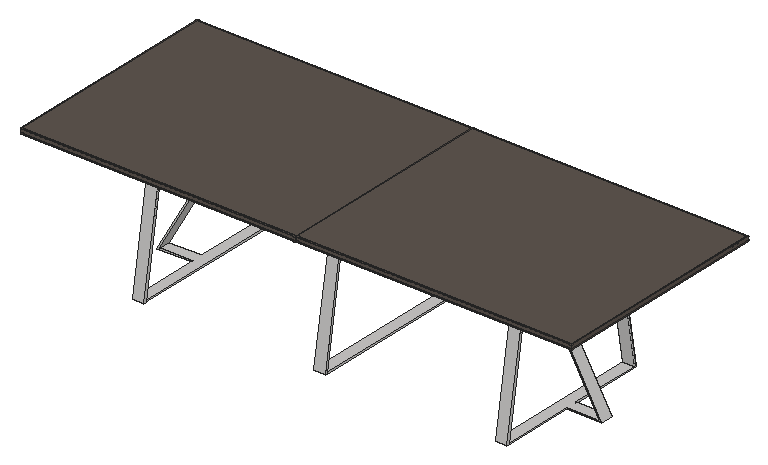
Revit family "T400182", category Furniture, Revit 2018
Family settings
  OmniClass Number = 23.40.20.00
  OmniClass Title = General Furniture and Specialties
  Work Plane-Based = No
  Always vertical = Yes
  Cut with Voids When Loaded = No
  Shared = No
  Room Calculation Point = No
Reference planes (in)
  plane 1 "Center Front/Back": y = 0
  plane 2: z = 0
  plane 3 "Center Left/Right": x = 0
Dimensions and locks (in)
  aligned and locked: level to plane 2
Nested families (in)
  nested 1: "FIRST OFFICE_INTERMIX_TOPS_RECTANGULAR" at (0, 0, 0), type "INTERMIX-TOP-RECTANGULAR_CC-P12048RT"
  nested 2: "OFS INTERMIX METAL BASES" at (39.5, 21, 0), type "Hugh Ends Base 35"
  nested 3: "OFS INTERMIX METAL BASES" at (0, 21, 0), type "Hugh Center Base 35"
  nested 4: "OFS INTERMIX METAL BASES" at (-39.5, 21, 0) x (-1, 0, 0) z (0, 0, 1), type "Hugh Ends Base 35"
Definition of nested family "FIRST OFFICE_INTERMIX_TOPS_RECTANGULAR"
  Parameters (values of type "INTERMIX-TOP-RECTANGULAR_CC-K7236RT")
    URL = "http://www.firstoffice.com/products/tables/intermix"
    TWO PIECE = TOP WIDTH > 9' 0"  # no
    TOP WIDTH = 6' - 0"
    TOP DEPTH = 3' - 0"
    TOP CORE = none
    THICKNESS = 0' - 1 1/8"
    ONE PIECE = TOP WIDTH < 9' 0"  # yes
    Manufacturer = "FIRST OFFICE-INTERMIX"
    MODEL NUMBER = "CC-K7236RT"
    MANUFACTURERS' CODE = "FOF"
    ENVIRONMENTAL = "http://www.firstoffice.com/company/environment/"
    EDGE SHAPE = none
    Description = "RECTANGULAR TOP/SEATS 6"
    CATALOG CODE = "FOF"
  Types (36): name | TWO PIECE | TOP WIDTH | TOP DEPTH | THICKNESS | ONE PIECE | MODEL NUMBER | Description
    (no name) | no | 6' - 0" | 3' - 0" | 0' - 1 1/8" | yes | "CC-K7236RT" | "RECTANGULAR TOP/SEATS 6"
    INTERMIX-TOP-RECTANGULAR_CC-K7236RT | no | 6' - 0" | 3' - 0" | 0' - 1 1/8" | yes | "CC-K7236RT" | "RECTANGULAR TOP/SEATS 6"
    INTERMIX-TOP-RECTANGULAR_CC-K8442RT | no | 7' - 0" | 3' - 6" | 0' - 1 1/8" | yes | "CC-K8442RT" | "RECTANGULAR TOP/SEATS 6"
    INTERMIX-TOP-RECTANGULAR_CC-K9642RT | no | 8' - 0" | 3' - 6" | 0' - 1 1/8" | yes | "CC-K9642RT" | "RECTANGULAR TOP/SEATS 8"
    INTERMIX-TOP-RECTANGULAR_CC-K12048RT | yes | 10' - 0" | 4' - 0" | 0' - 1 1/8" | no | "CC-K12048RT" | "RECTANGULAR TOP/SEATS 10"
    INTERMIX-TOP-RECTANGULAR_CC-K14448RT | yes | 12' - 0" | 4' - 0" | 0' - 1 1/8" | no | "CC-K14448RT" | "RECTANGULAR TOP/SEATS 12"
    INTERMIX-TOP-RECTANGULAR_CC-K16848RT | yes | 14' - 0" | 4' - 0" | 0' - 1 1/8" | no | "CC-K16848RT" | "RECTANGULAR TOP/SEATS 14"
    INTERMIX-TOP-RECTANGULAR_CC-K19248RT | yes | 16' - 0" | 4' - 0" | 0' - 1 1/8" | no | "CC-K19248RT" | "RECTANGULAR TOP/SEATS 16"
    INTERMIX-TOP-RECTANGULAR_CC-P7236RT | no | 6' - 0" | 3' - 0" | 0' - 1 1/8" | yes | "CC-P7236RT" | "RECTANGULAR TOP/SEATS 6"
    INTERMIX-TOP-RECTANGULAR_CC-P8442RT | no | 7' - 0" | 3' - 6" | 0' - 1 1/8" | yes | "CC-P8442RT" | "RECTANGULAR TOP/SEATS 6"
    INTERMIX-TOP-RECTANGULAR_CC-P9642RT | no | 8' - 0" | 3' - 6" | 0' - 1 1/8" | yes | "CC-P9642RT" | "RECTANGULAR TOP/SEATS 8"
    INTERMIX-TOP-RECTANGULAR_CC-P12048RT | yes | 10' - 0" | 4' - 0" | 0' - 1 1/8" | no | "CC-P12048RT" | "RECTANGULAR TOP/SEATS 10"
    INTERMIX-TOP-RECTANGULAR_CC-P14448RT | yes | 12' - 0" | 4' - 0" | 0' - 1 1/8" | no | "CC-P14448RT" | "RECTANGULAR TOP/SEATS 12"
    INTERMIX-TOP-RECTANGULAR_CC-P16848RT | yes | 14' - 0" | 4' - 0" | 0' - 1 1/8" | no | "CC-P16848RT" | "RECTANGULAR TOP/SEATS 14"
    INTERMIX-TOP-RECTANGULAR_CC-P19248RT | yes | 16' - 0" | 4' - 0" | 0' - 1 1/8" | no | "CC-P19248RT" | "RECTANGULAR TOP/SEATS 16"
    INTERMIX-TOP-RECTANGULAR_CC-C7236RT | no | 6' - 0" | 3' - 0" | 0' - 1.188" | yes | "CC-C7236RT" | "RECTANGULAR TOP/SEATS 6"
    INTERMIX-TOP-RECTANGULAR_CC-C8442RT | no | 7' - 0" | 3' - 6" | 0' - 1.188" | yes | "CC-C8442RT" | "RECTANGULAR TOP/SEATS 6"
    INTERMIX-TOP-RECTANGULAR_CC-C9642RT | no | 8' - 0" | 3' - 6" | 0' - 1.188" | yes | "CC-C9642RT" | "RECTANGULAR TOP/SEATS 8"
    INTERMIX-TOP-RECTANGULAR_CC-C12048RT | yes | 10' - 0" | 4' - 0" | 0' - 1.188" | no | "CC-C12048RT" | "RECTANGULAR TOP/SEATS 10"
    INTERMIX-TOP-RECTANGULAR_CC-C14448RT | yes | 12' - 0" | 4' - 0" | 0' - 1.188" | no | "CC-C14448RT" | "RECTANGULAR TOP/SEATS 12"
    INTERMIX-TOP-RECTANGULAR_CC-C16848RT | yes | 14' - 0" | 4' - 0" | 0' - 1.188" | no | "CC-C16848RT" | "RECTANGULAR TOP/SEATS 14"
    INTERMIX-TOP-RECTANGULAR_CC-C19248RT | yes | 16' - 0" | 4' - 0" | 0' - 1.188" | no | "CC-C19248RT" | "RECTANGULAR TOP/SEATS 16"
    INTERMIX-TOP-RECTANGULAR_CC-L7236RT | no | 6' - 0" | 3' - 0" | 0' - 1.188" | yes | "CC-L7236RT" | "RECTANGULAR TOP/SEATS 6"
    INTERMIX-TOP-RECTANGULAR_CC-L8442RT | no | 7' - 0" | 3' - 6" | 0' - 1.188" | yes | "CC-L8442RT" | "RECTANGULAR TOP/SEATS 6"
    INTERMIX-TOP-RECTANGULAR_CC-L9642RT | no | 8' - 0" | 3' - 6" | 0' - 1.188" | yes | "CC-L9642RT" | "RECTANGULAR TOP/SEATS 8"
    INTERMIX-TOP-RECTANGULAR_CC-L12048RT | yes | 10' - 0" | 4' - 0" | 0' - 1.188" | no | "CC-L12048RT" | "RECTANGULAR TOP/SEATS 10"
    INTERMIX-TOP-RECTANGULAR_CC-L14448RT | yes | 12' - 0" | 4' - 0" | 0' - 1.188" | no | "CC-L14448RT" | "RECTANGULAR TOP/SEATS 12"
    INTERMIX-TOP-RECTANGULAR_CC-L16848RT | yes | 14' - 0" | 4' - 0" | 0' - 1.188" | no | "CC-L16848RT" | "RECTANGULAR TOP/SEATS 14"
    INTERMIX-TOP-RECTANGULAR_CC-L19248RT | yes | 16' - 0" | 4' - 0" | 0' - 1.188" | no | "CC-L19248RT" | "RECTANGULAR TOP/SEATS 16"
    INTERMIX-TOP-RECTANGULAR_CC-W7236RT | no | 6' - 0" | 3' - 0" | 0' - 1.188" | yes | "CC-W7236RT" | "RECTANGULAR TOP/SEATS 6"
    INTERMIX-TOP-RECTANGULAR_CC-W8442RT | no | 7' - 0" | 3' - 6" | 0' - 1.188" | yes | "CC-W8442RT" | "RECTANGULAR TOP/SEATS 6"
    INTERMIX-TOP-RECTANGULAR_CC-W9642RT | no | 8' - 0" | 3' - 6" | 0' - 1.188" | yes | "CC-W9642RT" | "RECTANGULAR TOP/SEATS 8"
    INTERMIX-TOP-RECTANGULAR_CC-W12048RT | yes | 10' - 0" | 4' - 0" | 0' - 1.188" | no | "CC-W12048RT" | "RECTANGULAR TOP/SEATS 10"
    INTERMIX-TOP-RECTANGULAR_CC-W14448RT | yes | 12' - 0" | 4' - 0" | 0' - 1.188" | no | "CC-W14448RT" | "RECTANGULAR TOP/SEATS 12"
    INTERMIX-TOP-RECTANGULAR_CC-W16848RT | yes | 14' - 0" | 4' - 0" | 0' - 1.188" | no | "CC-W16848RT" | "RECTANGULAR TOP/SEATS 14"
    INTERMIX-TOP-RECTANGULAR_CC-W19248RT | yes | 16' - 0" | 4' - 0" | 0' - 1.188" | no | "CC-W19248RT" | "RECTANGULAR TOP/SEATS 16"
  Reference planes (in)
    plane 1 "Center Front/Back": y = 0
    plane 2: z = 0
    plane 3 "Center Left/Right": x = 0
    plane 4 "LEFT": x = -36
    plane 5 "RIGHT": x = 36
    plane 6 "SURFACE TOP": z = 29.9375
    plane 7 "BASE HEIGHT": z = 28.8125
    plane 8 "BACK": y = 18
    plane 9 "FRONT": y = -18
  Forms (in)
    Sweep 1, solid, material <- "EDGE SHAPE", visible <- "ONE PIECE"
      path origin (0, 0, 28.8125) x (0, 1, 0) y (-1, 0, 0)
        loop
          line (-18, 36) -> (-18, -36) -> (18, -36) -> (18, 36) -> (-18, 36)
      profile origin (-36, 0, 28.8125) x (-1, 0, 0) y (0, 0, 1)
        loop
          line (0, 0.125) -> (0, 1)
          arc (0, 1) -> (-0.03661, 1.08839) -> (-0.125, 1.125) r 0.125
          line (-0.125, 1.125) -> (-0.125, 0)
          arc (-0.125, 0) -> (-0.03661, 0.03661) -> (0, 0.125) r 0.125
    Extrusion 2, solid, material <- "TOP CORE", visible <- "ONE PIECE"
      sketch origin (0, 0, 28.8125) x (0, 1, 0) y (-1, 0, 0)
        loop
          line (17.875, 35.875) -> (-17.875, 35.875) -> (-17.875, -35.875) -> (17.875, -35.875) -> (17.875, 35.875)
      from 0 to 1.125
    Sweep 3, solid, material <- "EDGE SHAPE", visible <- "TWO PIECE"
      path origin (0, -2, 28.8125) x (0, 1, 0) y (-1, 0, 0)
        loop
          line (-16, 0) -> (-16, 36) -> (20, 36) -> (20, 0)
      profile origin (-36, 0, 28.8125) x (-1, 0, 0) y (0, 0, 1)
        loop
          line (0, 0.125) -> (0, 1)
          arc (0, 1) -> (-0.03661, 1.08839) -> (-0.125, 1.125) r 0.125
          line (-0.125, 1.125) -> (-0.125, 0)
          arc (-0.125, 0) -> (-0.03661, 0.03661) -> (0, 0.125) r 0.125
    Extrusion 4, solid, material <- "TOP CORE", visible <- "TWO PIECE"
      sketch origin (0, -2, 28.8125) x (0, 1, 0) y (-1, 0, 0)
        loop
          line (19.875, 35.875) -> (-15.875, 35.875) -> (-15.875, 0) -> (19.875, 0) -> (19.875, 35.875)
      from 0 to 1.125
    Sweep 5, solid, material <- "EDGE SHAPE", visible <- "TWO PIECE"
      path origin (7.99831, -1.99832, 28.8125) x (0, -1, 0) y (1, 0, 0)
        loop
          line (-19.99832, -7.99831) -> (-19.99832, 28.00169) -> (16.00168, 28.00169) -> (16.00168, -7.99831)
      profile origin (36, 0, 28.8125) x (1, 0, 0) y (0, 0, 1)
        loop
          line (0, 0.125) -> (0, 1)
          arc (0, 1) -> (-0.03661, 1.08839) -> (-0.125, 1.125) r 0.125
          line (-0.125, 1.125) -> (-0.125, 0)
          arc (-0.125, 0) -> (-0.03661, 0.03661) -> (0, 0.125) r 0.125
    Extrusion 6, solid, material <- "TOP CORE", visible <- "TWO PIECE"
      sketch origin (7.99831, -1.99832, 28.8125) x (0, -1, 0) y (1, 0, 0)
        loop
          line (15.87668, 27.87669) -> (-19.87332, 27.87669) -> (-19.87332, -7.99831) -> (15.87668, -7.99831) -> (15.87668, 27.87669)
      from 0 to 1.125
  Lines and regions (in)
    Masking region 1, visible <- "ONE PIECE"
      outline origin (0, 0, 0) x (1, 0, 0) y (0, 1, 0)
        loop
          line (-36.00169, 18.00168) -> (-36.00169, -17.99832) -> (35.99831, -17.99832) -> (35.99831, 18.00168) -> (-36.00169, 18.00168)
    Masking region 2, visible <- "TWO PIECE"
      outline origin (0, -2, 0) x (1, 0, 0) y (0, 1, 0)
        loop
          line (-36.00169, 20) -> (-36.00169, -16) -> (0, -16) -> (0, 20) -> (-36.00169, 20)
    Masking region 3, visible <- "TWO PIECE"
      outline origin (7.99831, -1.99832, 0) x (-1, 0, 0) y (0, -1, 0)
        loop
          line (-28.00169, 16.00168) -> (-28.00169, -19.99832) -> (7.99831, -19.99832) -> (7.99831, 16.00168) -> (-28.00169, 16.00168)
  Dimensions and locks (in)
    equal spacing: plane 4 "LEFT", plane 3 "Center Left/Right", plane 5 "RIGHT"
    "TOP WIDTH": plane 4 "LEFT" to plane 5 "RIGHT"
    "THICKNESS": plane 6 "SURFACE TOP" to plane 7 "BASE HEIGHT"
    locked: plane 7 "BASE HEIGHT" to plane 2 at 28.8125
    equal spacing: plane 9 "FRONT", plane 1 "Center Front/Back", plane 8 "BACK"
    "TOP DEPTH": plane 8 "BACK" to plane 9 "FRONT"
    aligned and locked: Extrusion 2 to plane 7 "BASE HEIGHT"
    aligned and locked: plane 6 "SURFACE TOP" to Extrusion 2
    aligned and locked: profile plane to Sweep 1 sketch curve  (x2)
    aligned and locked: plane 6 "SURFACE TOP" to Sweep 1 sketch curve
    aligned and locked: Extrusion 2 to Sweep 1  (x4)
    aligned and locked: profile plane to Sweep 3 sketch curve  (x2)
    aligned and locked: Extrusion 4 to Sweep 3  (x3)
    aligned: Extrusion 4 to Sweep 3  (x2)
    aligned and locked: plane 3 "Center Left/Right" to Extrusion 4
    aligned and locked: plane 4 "LEFT" to Sweep 3 sketch curve
    aligned and locked: plane 3 "Center Left/Right" to Masking region 2
    aligned and locked: profile plane to Sweep 5 sketch curve  (x2)
    aligned: Sweep 5 to Extrusion 6  (x3)
    aligned and locked: Extrusion 6 to plane 3 "Center Left/Right"
    aligned and locked: Masking region 3 to plane 3 "Center Left/Right"
    aligned and locked: plane 5 "RIGHT" to Masking region 3
    aligned and locked: Sweep 5 sketch curve to plane 5 "RIGHT"
    aligned and locked: plane 3 "Center Left/Right" to Sweep 5 sketch curve
    aligned and locked: Extrusion 6 to Sweep 5 sketch curve
    aligned and locked: Extrusion 6 to Sweep 5  (x3)
    aligned and locked: plane 8 "BACK" to Masking region 2 sketch curve
    aligned and locked: plane 9 "FRONT" to Masking region 2 sketch curve
    aligned and locked: Sweep 3 sketch curve to plane 8 "BACK"
    aligned and locked: Sweep 3 sketch curve to plane 9 "FRONT"
    aligned and locked: plane 8 "BACK" to Masking region 3 sketch curve
    aligned and locked: plane 9 "FRONT" to Masking region 3 sketch curve
    aligned and locked: Sweep 5 sketch curve to plane 8 "BACK"
    aligned and locked: Sweep 5 sketch curve to plane 9 "FRONT"
    aligned and locked: plane 6 "SURFACE TOP" to Sweep 3 sketch curve
    aligned and locked: plane 6 "SURFACE TOP" to Extrusion 4
    aligned and locked: plane 6 "SURFACE TOP" to Sweep 5 sketch curve
    aligned and locked: plane 6 "SURFACE TOP" to Extrusion 6
  Automatic sketch dimensions
    Sweep 1 sketch curve to plane 4 "LEFT" = 0' - 0"
    plane 9 "FRONT" to Sweep 1 sketch curve = 0' - 0"
    Sweep 1 sketch curve to plane 5 "RIGHT" = 0' - 0"
    Sweep 1 sketch curve to plane 8 "BACK" = 0' - 0"
    Sweep 1 sketch curve to plane 7 "BASE HEIGHT" = 0' - 0"
    profile plane to Sweep 1 sketch curve = 0' - 0 1/8"  (x2)
    Sweep 1 sketch curve to Sweep 1 sketch curve = 0' - 0"  (x2)
    Extrusion 2 sketch curve to plane 9 "FRONT" = 0' - 0 1/8"
    Extrusion 2 sketch curve to plane 8 "BACK" = 0' - 0 1/8"
    Extrusion 2 sketch curve to plane 5 "RIGHT" = 0' - 0 1/8"
    plane 4 "LEFT" to Extrusion 2 sketch curve = 0' - 0 1/8"
    Masking region 1 sketch curve to plane 4 "LEFT" = 0' - 0.00169"
    Masking region 1 sketch curve to plane 5 "RIGHT" = 0' - 0.00169"
    Masking region 1 sketch curve to plane 9 "FRONT" = 0' - 0.00168"
    plane 8 "BACK" to Masking region 1 sketch curve = 0' - 0.00168"
    Sweep 3 sketch curve to plane 3 "Center Left/Right" = 0' - 0"  (x2)
    profile plane to Sweep 3 sketch curve = 0' - 0 1/8"
    Extrusion 4 sketch curve to plane 3 "Center Left/Right" = 0' - 0"
    plane 4 "LEFT" to Extrusion 4 sketch curve = 0' - 0 1/8"
    Extrusion 4 sketch curve to plane 9 "FRONT" = 0' - 0 1/8"
    Extrusion 4 sketch curve to plane 9 "FRONT" = 2' - 11 7/8"
    Masking region 2 sketch curve to plane 3 "Center Left/Right" = 0' - 0"
    Masking region 2 sketch curve to plane 4 "LEFT" = 0' - 0.00169"
    profile plane to Sweep 5 sketch curve = 0' - 0 1/8"
    Extrusion 6 sketch curve to plane 5 "RIGHT" = 0' - 0 1/8"
    Extrusion 6 sketch curve to plane 9 "FRONT" = 2' - 11 7/8"
    plane 3 "Center Left/Right" to Extrusion 6 sketch curve = 0' - 0"
    Extrusion 6 sketch curve to Extrusion 6 sketch curve = 2' - 11 3/4"
    plane 5 "RIGHT" to Masking region 3 sketch curve = 0' - 0"
    plane 3 "Center Left/Right" to Masking region 3 sketch curve = 0' - 0"
Definition of nested family "OFS INTERMIX METAL BASES"
  Parameters (values of type "Metal O Base 35")
    Width = 1' - 5"
    Thickness = 0' - 1 1/8"
    URL = "https://ofs.com/"
    Model = "CC-35MTB4"
    Middle = yes
    Manufacturer = "OFS"
    Legs Finish = none
    Height = 2' - 3 7/8"
    Glider Finish = none
    End = no
    Description = "OFS INTERMIX METAL O BASE END - 35\" Width."
    Depth = 2' - 11 9/32"
    Copyright © = "©OFS 2020"
    Catalog = "https://ofs.com/products/tables/conference/intermix-conference"
    Base W = 0' - 3"
    Authoring Version = "Autodesk Revit Architecture 2015"
    Assembly Code = "E2020200"
  Types (6): name | Model | Middle | End | Description | Depth | Base W
    (no name) | "CC-35MTB4" | yes | no | "OFS INTERMIX METAL O BASE END - 35\" Width." | 2' - 11 9/32" | 0' - 3"
    Hugh Ends Base 32 | "CC-32MTB3" | no | yes | "OFS INTERMIX METAL HUGH BASE END - 32\" Width." | 2' - 8" | 0' - 2 1/2"
    Hugh Ends Base 35 | "CC-35MTB3" | no | yes | "OFS INTERMIX METAL HUGH BASE END - 35\" Width." | 2' - 11" | 0' - 2 1/2"
    Metal O Base 32 | "CC-32MTB4" | yes | no | "OFS INTERMIX METAL O BASE END - 32\" Width." | 2' - 8 9/32" | 0' - 3"
    Metal O Base 35 | "CC-35MTB4" | yes | no | "OFS INTERMIX METAL O BASE END - 35\" Width." | 2' - 11 9/32" | 0' - 3"
    Hugh Center Base 35 | "CC-35MTB3C" | yes | no | "OFS INTERMIX METAL HUGH BASE CENTER - 35\" Width." | 2' - 11" | 0' - 2 1/2"
  Reference planes (in)
    plane 1 "Back": y = -3.35938
    plane 2: z = 0
    plane 3 "Center Left/Right": x = 0
    plane 4: x = -8.5
    plane 5 "Center Front/Back": y = -21
    plane 6: x = 8.5
    plane 7: y = -38.64062
    plane 8: z = 27.875
    plane 9: z = 26.75
    plane 10: y = -22.25
    plane 11: y = -19.75
    plane 12: y = -34.14063
    plane 13: y = -7.85937
    plane 14: x = -1.5
    plane 15: x = 1.5
  Forms (in)
    Extrusion 1, solid, material <- "Legs Finish", visible <- "End"
      sketch origin (-47.5, -19.75, 0) x (-1, 0, 0) y (0, 0, -1)
        loop
          line (-56.40089, -0.5) -> (-40.95467, -27.875) -> (-40.52166, -27.875) -> (-55.96788, -0.5) -> (-56.40089, -0.5)
      from 0 to 2.5
    Extrusion 2, solid, material <- "Legs Finish", visible <- "Middle"
      sketch origin (-47.5, -1.279, 0) x (0, 1, 0) y (0, 0, 1)
        loop
          line (-7.17855, 27.875) -> (-2.46116, 0.5) -> (-2.08038, 0.5) -> (-6.79776, 27.875) -> (-7.17855, 27.875)
      from 46 to 49
    Extrusion 3, solid, material <- "Legs Finish", visible <- "End"
      sketch origin (-47.5, 0, 27.625) x (1, 0, 0) y (0, 1, 0)
        loop
          line (40, -7.85938) -> (40, -34.14062) -> (52, -34.14062) -> (52, -7.85938) -> (40, -7.85938)
      from 0 to 0.25
    Extrusion 4, solid, material <- "Legs Finish", visible <- "End"
      sketch origin (-47.5, 0, 0.5) x (1, 0, 0) y (0, 1, 0)
        loop
          line (46, -3.35937) -> (46, -38.17946) -> (49, -38.17946) -> (49, -22.25) -> (55.96788, -22.25) -> (55.96788, -19.75) -> (49, -19.75) -> (49, -3.35937) -> (46, -3.35937)
      from 0 to 0.25
    Extrusion 5, solid, material <- "Legs Finish", visible <- "End"
      sketch origin (47.5, -1.279, 0) x (0, 1, 0) y (0, 0, -1)
        loop
          line (-7.17855, -27.875) -> (-6.79776, -27.875) -> (-2.08038, -0.5) -> (-2.46116, -0.5) -> (-7.17855, -27.875)
      from 46 to 49
    Extrusion 6, solid, material <- "Legs Finish", visible <- "Middle"
      sketch origin (47.5, 0, 0.5) x (-1, 0, 0) y (0, -1, 0)
        loop
          line (46, 3.35938) -> (49, 3.35938) -> (49, 38.17946) -> (46, 38.17946) -> (46, 3.35938)
      from 0 to 0.25
    Extrusion 7, solid, material <- "Legs Finish", visible <- "Middle"
      sketch origin (46, 0, 27.625) x (-1, 0, 0) y (0, -1, 0)
        loop
          line (42, 7.85938) -> (50, 7.85938) -> (50, 34.14062) -> (42, 34.14062) -> (42, 7.85938)
      from 0 to 0.25
    Revolve 8, solid, material <- "Glider Finish", visible <- "End"
      sketch origin (7.63795, -1.5, 0) x (0, 1, 0) y (0, 0, 1)
        loop
          line (-19.5, 0.5) -> (-19.5, 0) -> (-19.25, 0)
          arc (-19.25, 0) -> (-19.125, 0.125) -> (-19.25, 0.25) r 0.125
          line (-19.25, 0.25) -> (-19.375, 0.25) -> (-19.375, 0.5) -> (-19.5, 0.5)
        axis (-19.5, 0) -> (-19.5, 0.5)
      angle from 0 to 360
    Revolve 9, solid, material <- "Glider Finish"
      sketch origin (-0.01295, -16.16962, 0) x (0, 1, 0) y (0, 0, 1)
        loop
          line (-21.14062, 0.5) -> (-21.14062, 0) -> (-20.89062, 0)
          arc (-20.89062, 0) -> (-20.76563, 0.125) -> (-20.89062, 0.25) r 0.125
          line (-20.89062, 0.25) -> (-21.01562, 0.25) -> (-21.01562, 0.5) -> (-21.14062, 0.5)
        axis (-21.14062, 0) -> (-21.14062, 0.5)
      angle from 0 to 360
    Revolve 10, solid, material <- "Glider Finish"
      sketch origin (-0.01295, -28.83038, 0) x (0, -1, 0) y (0, 0, -1)
        loop
          line (-24.14062, -0.5) -> (-24.01562, -0.5) -> (-24.01562, -0.25) -> (-23.89062, -0.25)
          arc (-23.89062, -0.25) -> (-23.76563, -0.125) -> (-23.89062, 0) r 0.125
          line (-23.89062, 0) -> (-24.14062, 0) -> (-24.14062, -0.5)
        axis (-24.14062, 0) -> (-24.14062, -0.5)
      angle from 0 to 360
    Extrusion 11, solid, material <- "Legs Finish", visible <- "Middle"
      sketch origin (-47.5, -39.08038, 0) x (0, -1, 0) y (0, 0, -1)
        loop
          line (-5.53792, -27.875) -> (-5.15714, -27.875) -> (-0.43975, -0.5) -> (-0.82054, -0.5) -> (-5.53792, -27.875)
      from 46 to 49
    Extrusion 12, solid, material <- "Legs Finish", visible <- "End"
      sketch origin (47.5, -39.08038, 0) x (0, -1, 0) y (0, 0, 1)
        loop
          line (-5.53792, 27.875) -> (-0.82054, 0.5) -> (-0.43975, 0.5) -> (-5.15714, 27.875) -> (-5.53792, 27.875)
      from 46 to 49
  Cuts and joins
    joined: Extrusion 1, Extrusion 3, Extrusion 4, Extrusion 5, Extrusion 12
    joined: Extrusion 2, Extrusion 6, Extrusion 7, Extrusion 11
  Dimensions and locks (in)
    equal spacing: plane 4, plane 3 "Center Left/Right", plane 6
    "Width": plane 4 to plane 6
    "Depth": plane 7 to plane 1 "Back"
    "Height": plane 8 to level
    equal spacing: plane 1 "Back", plane 5 "Center Front/Back", plane 7  (x2)
    "Thickness": plane 8 to plane 9
    plane 11 to plane 5 "Center Front/Back" to plane 10 = 0' - 1 1/4" locked, 0' - 1 1/4" locked
    locked: plane 1 "Back" to plane 13 at 4.5
    locked: plane 7 to plane 12 at 4.5
    equal spacing: plane 14, plane 3 "Center Left/Right", plane 15
    "Base W": plane 14 to plane 15
    aligned and locked: level to plane 2
    aligned and locked: plane 1 "Back" to Extrusion 5
    aligned and locked: plane 1 "Back" to Extrusion 2
    aligned and locked: Extrusion 6 to plane 1 "Back"
    aligned and locked: Extrusion 4 to plane 1 "Back"
    aligned and locked: Extrusion 4 to plane 10
    aligned and locked: Extrusion 4 to plane 11
    aligned and locked: Extrusion 3 to plane 13
    aligned and locked: Extrusion 7 to plane 13
    aligned and locked: plane 12 to Extrusion 7
    aligned and locked: plane 12 to Extrusion 3
    aligned and locked: cut or joined group of Extrusion 2, Extrusion 6, Extrusion 7, Extrusion 11 to plane 14  (x3)
    aligned and locked: plane 15 to cut or joined group of Extrusion 2, Extrusion 6, Extrusion 7, Extrusion 11  (x3)
    aligned and locked: plane 15 to cut or joined group of Extrusion 1, Extrusion 3, Extrusion 4, Extrusion 5, Extrusion 12  (x4)
    aligned and locked: cut or joined group of Extrusion 1, Extrusion 3, Extrusion 4, Extrusion 5, Extrusion 12 to plane 14  (x3)
  Automatic sketch dimensions
    level to Extrusion 1 sketch curve = 0' - 0 1/2"
    Extrusion 1 sketch curve to plane 6 = 0' - 0.40089"
    plane 6 to Extrusion 1 sketch curve = 0' - 0.03212"
    Extrusion 1 sketch curve to plane 8 = 0' - 0"
    plane 4 to Extrusion 1 sketch curve = 0' - 1.95467"
    Extrusion 1 sketch curve to Extrusion 1 sketch curve = 0' - 0.43301"
    level to Extrusion 2 sketch curve = 0' - 0 1/2"
    Extrusion 2 sketch curve to plane 1 "Back" = 0' - 0"
    Extrusion 2 sketch curve to Extrusion 2 sketch curve = 0' - 0.38078"  (x2)
    Extrusion 2 sketch curve to plane 8 = 0' - 0"
    plane 1 "Back" to Extrusion 2 sketch curve = 0' - 4.71739"
    plane 4 to Extrusion 3 sketch curve = 0' - 1"
    plane 6 to Extrusion 3 sketch curve = 0' - 4"
    plane 7 to Extrusion 3 sketch curve = 0' - 4 1/2"
    plane 1 "Back" to Extrusion 3 sketch curve = 0' - 4 1/2"
    plane 1 "Back" to Extrusion 4 sketch curve = 0' - 0"
    plane 11 to Extrusion 4 sketch curve = 0' - 0"
    Extrusion 4 sketch curve to plane 10 = 0' - 0"
    plane 7 to Extrusion 4 sketch curve = 0' - 0.46116"
    Extrusion 4 sketch curve to plane 3 "Center Left/Right" = 0' - 1 1/2"
    plane 3 "Center Left/Right" to Extrusion 4 sketch curve = 0' - 1 1/2"  (x2)
    plane 6 to Extrusion 4 sketch curve = 0' - 0.03212"
    level to Extrusion 5 sketch curve = 0' - 0 1/2"
    Extrusion 5 sketch curve to plane 1 "Back" = 0' - 0"
    Extrusion 5 sketch curve to Extrusion 5 sketch curve = 0' - 0.38078"  (x2)
    Extrusion 5 sketch curve to plane 8 = 0' - 0"
    plane 1 "Back" to Extrusion 5 sketch curve = 0' - 4.71739"
    plane 1 "Back" to Extrusion 6 sketch curve = 0' - 0"
    plane 7 to Extrusion 6 sketch curve = 0' - 0.46116"
    plane 3 "Center Left/Right" to Extrusion 6 sketch curve = 0' - 1 1/2"
    Extrusion 6 sketch curve to plane 3 "Center Left/Right" = 0' - 1 1/2"
    plane 3 "Center Left/Right" to Extrusion 7 sketch curve = 0' - 4"
    Extrusion 7 sketch curve to plane 3 "Center Left/Right" = 0' - 4"
    plane 1 "Back" to Extrusion 7 sketch curve = 0' - 4 1/2"
    plane 7 to Extrusion 7 sketch curve = 0' - 4 1/2"
    level to Revolve 8 sketch curve = 0' - 0 1/2"  (x2)
    Revolve 8 sketch curve to plane 5 "Center Front/Back" = 0' - 0"  (x2)
    plane 5 "Center Front/Back" to Revolve 8 sketch curve = 0' - 0 1/8"
    plane 5 "Center Front/Back" to Revolve 8 sketch curve = 0' - 0 1/4"
    level to Revolve 8 sketch curve = 0' - 0 1/4"
    Revolve 8 sketch curve to Revolve 8 sketch curve = 0' - 0 1/8"
    level to Revolve 8 sketch curve = 0' - 0.82356"
    level to Revolve 9 sketch curve = 0' - 0 1/2"  (x2)
    plane 7 to Revolve 9 sketch curve = 0' - 1.33038"
    Revolve 9 sketch curve to Revolve 9 sketch curve = 0' - 0 1/8"  (x2)
    Revolve 9 sketch curve to Revolve 9 sketch curve = 0' - 0 1/4"
    level to Revolve 9 sketch curve = 0' - 0 1/4"
    Revolve 9 sketch curve to Revolve 9 sketch curve = 0' - 0"
    level to Revolve 9 sketch curve = 0' - 0.82356"
    level to Revolve 10 sketch curve = 0' - 0 1/2"  (x2)
    plane 1 "Back" to Revolve 10 sketch curve = 0' - 1.33038"
    Revolve 10 sketch curve to Revolve 10 sketch curve = 0' - 0 1/8"  (x2)
    Revolve 10 sketch curve to Revolve 10 sketch curve = 0' - 0 1/4"  (x2)
    Revolve 10 sketch curve to Revolve 10 sketch curve = 0' - 0"
    level to Revolve 10 sketch curve = 0' - 0.82356"
    level to Extrusion 11 sketch curve = 0' - 0 1/2"
    Extrusion 11 sketch curve to plane 7 = 0' - 0"
    Extrusion 11 sketch curve to Extrusion 11 sketch curve = 0' - 0.38078"  (x2)
    Extrusion 11 sketch curve to plane 8 = 0' - 0"
    plane 7 to Extrusion 11 sketch curve = 0' - 4.71739"
    level to Extrusion 12 sketch curve = 0' - 0 1/2"
    Extrusion 12 sketch curve to plane 7 = 0' - 0"
    plane 7 to Extrusion 12 sketch curve = 0' - 0.38078"
    Extrusion 12 sketch curve to plane 8 = 0' - 0"
    plane 7 to Extrusion 12 sketch curve = 0' - 4.71739"
    Extrusion 12 sketch curve to Extrusion 12 sketch curve = 0' - 0.38078"
